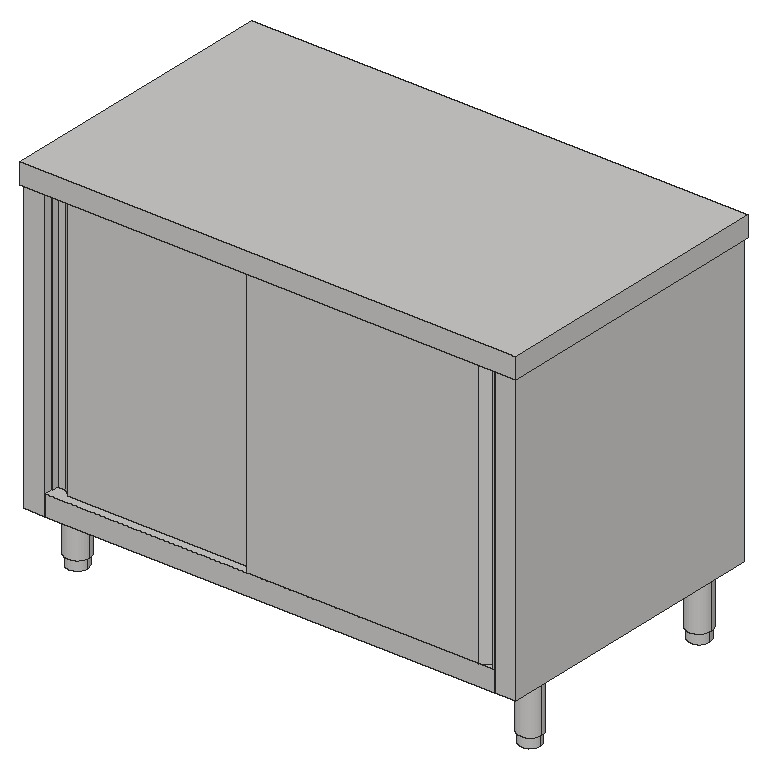
Revit family "QF_ELECTROLUXPROFESSIONAL_132771_MTN1200PN", category Specialty Equipment, Revit 2023
Family settings
  Round Connector Dimension = Use Diameter
  Part Type = Normal
  Work Plane-Based = No
  Enable Cutting in Views = No
  Always vertical = Yes
  Cut with Voids When Loaded = No
  Maintain Annotation Orientation = No
  Shared = No
  Room Calculation Point = No
Parameters (values of type "Standard")
  Weight = 55.00 kg
  Watts = 0 W
  Volts = 0 V
  URL Manufacturer = "http://www.electroluxprofessional.com"
  URL = "http://www.electroluxprofessional.com"
  Steam Supply Size = 0 mm
  Steam Supply Minimum Pressure = 0.0 Pa
  Steam Supply Maximum Pressure = 0.0 Pa
  Steam Consumption per Hour = 0
  Refrigeration Suction Line Size = 0.0 mm
  Refrigeration Liquid Line Size = 0.0 mm
  Refrigerant Compressor Remote = yes
  Default Elevation = 0.0 mm
  Manufacturer = "Electrolux Professional"
  Phase = 0
  Model = "MTN1200PN"
  Length Actual = 1200.0 mm
  Item Number = "132771"
  Hot Water Size = 0 mm
  Height Actual = 900.0 mm
  HP = "0 HP"
  Gas Size = 0 mm
  Gas KW = 0
  Gas Input Pressure = 0 W
  Direct Waste Size = 0 mm
  Description = "WORKTOP CUPB.+SHELF+SLIDING DOORS 1200MM"
  Depth Actual = 700.0 mm
  Cycle = 0 Hz
  Condensate Return Size = 0 mm
  Compressed Air Volume = 0.0 L/s
  Compressed Air Size = 0 mm
  Compressed Air Pressure = 0.0 Pa
  Cold Water Size = 0 mm
  Accessory = no
Reference planes
  plane 1 "Center (Front/Back)": y = 0
  plane 2: z = 0
  plane 3 "Center (Left/Right)": x = -100
  plane 4 "LEFT": x = -700
  plane 5 "RIGHT": x = 500
  plane 6 "BACK": y = 350
  plane 7 "FRONT": y = -350
  plane 8 "Base": z = 850
  plane 9 "TOP": z = 900
  plane 10: x = -646.9
  plane 11: x = 446.9
  plane 12: y = 270
  plane 13: y = -241.9
  plane 14 "BodyLeft": x = -694.5
  plane 15 "BodyFront": y = -344.5
  plane 16 "BodyRight": x = 494.5
  plane 17 "BodyBack": y = 344.5
  plane 18 "FEET": z = 150
  plane 19: x = -44.5
  plane 20: x = -155.5
Forms (mm)
  Extrusion 1, solid, material "QF_Finishes_Stainless Steel"
    sketch origin (-100, 0, 0) x (0, 1, 0) y (0, 0, 1)
      loop
        line (-350, 850) -> (350, 850) -> (350, 900) -> (-350, 900) -> (-350, 850)
    from 600 to -600
  Extrusion 2, solid, material "QF_Finishes_Stainless Steel"
    sketch origin (0, 0, 150) x (-1, 0, 0) y (0, -1, 0)
      loop
        line (694.5, -344.5) -> (694.5, 344.5) -> (644.5, 344.5) -> (644.5, -344.5) -> (694.5, -344.5)
      loop
        line (-444.5, -344.5) -> (-444.5, 344.5) -> (-494.5, 344.5) -> (-494.5, -344.5) -> (-444.5, -344.5)
    from 0 to 700
  Extrusion 3, solid, material "QF_Finishes_Stainless Steel"
    sketch origin (0, 0, 150) x (-1, 0, 0) y (0, -1, 0)
      loop
        line (643.585, -344.5) -> (643.585, 344.5) -> (-444.5, 344.5) -> (-444.5, -344.5) -> (643.585, -344.5)
    from 0 to 50
  Extrusion 4, solid, material "QF_Finishes_Stainless Steel"
    sketch origin (0, 0, 150) x (-1, 0, 0) y (0, -1, 0)
      loop
        line (643.585, -344.5) -> (643.585, -294.5) -> (-444.5, -294.5) -> (-444.5, -344.5) -> (643.585, -344.5)
    from 50 to 700
  Extrusion 5, solid, material "QF_Finishes_Stainless Steel"
    sketch origin (0, 0, 150) x (-1, 0, 0) y (0, -1, 0)
      loop
        line (-444.5, 344.5) -> (-444.5, 324.5) -> (155.5, 324.5) -> (155.5, 344.5) -> (-404.5, 344.5) -> (-424.5, 329.5) -> (-439.5, 329.5) -> (-439.5, 344.5) -> (-444.5, 344.5)
    from 50 to 700
  Extrusion 6, solid, material "QF_Finishes_Stainless Steel"
    sketch origin (0, 20, 150) x (1, 0, 0) y (0, 1, 0)
      loop
        line (-644.5, -344.5) -> (-639.5, -344.5) -> (-639.5, -329.5) -> (-624.5, -329.5) -> (-604.5, -344.5) -> (-44.5, -344.5) -> (-44.5, -324.5) -> (-644.5, -324.5) -> (-644.5, -344.5)
    from 50 to 700
Lines and regions (mm)
  symbolic lines
    curve 1: line (500, 350, 900) -> (-700, 350, 900)
    curve 2: line (-700, 350, 900) -> (-700, -350, 900)
    curve 3: line (-700, -350, 900) -> (500, -350, 900)
    curve 4: line (500, -350, 900) -> (500, 350, 900)
  symbolic lines, style "SpecialityEquipmentHiddenLines"
    curve 5: line (-694.5, 344.5, 150) -> (494.5, 344.5, 150)
    curve 6: line (-694.5, -344.5, 150) -> (-694.5, 344.5, 150)
    curve 7: line (494.5, -344.5, 150) -> (-694.5, -344.5, 150)
    curve 8: line (494.5, 344.5, 150) -> (494.5, -344.5, 150)
    curve 9: line (-644.5, -304.5, 150) -> (-44.5, -304.5, 150)
    curve 10: line (-44.5, -304.5, 150) -> (-44.5, -324.5, 150)
    curve 11: line (-644.5, -324.5, 150) -> (444.5, -324.5, 150)
    curve 12: line (444.5, -324.5, 150) -> (444.5, -344.5, 150)
    curve 13: line (-155.5, -324.5, 150) -> (-155.5, -344.5, 150)
    curve 14: line (-644.5, -304.5, 150) -> (-644.5, -324.5, 150)
Dimensions and locks
  plane 4 "LEFT" to plane 5 "RIGHT" = 1200.0 mm
  equal spacing: plane 4 "LEFT", plane 3 "Center (Left/Right)", plane 5 "RIGHT"
  locked: plane 8 "Base" to level at 850
  plane 9 "TOP" to level = 900.0 mm
  plane 6 "BACK" to plane 7 "FRONT" = 700.0 mm
  equal spacing: plane 6 "BACK", plane 1 "Center (Front/Back)", plane 7 "FRONT"
  locked: plane 4 "LEFT" to plane 14 "BodyLeft" at 5.5
  locked: plane 16 "BodyRight" to plane 5 "RIGHT" at 5.5
  locked: plane 15 "BodyFront" to plane 7 "FRONT" at 5.5
  locked: plane 6 "BACK" to plane 17 "BodyBack" at 5.5
  locked: plane 14 "BodyLeft" to plane 10 at 47.6
  locked: plane 11 to plane 16 "BodyRight" at 47.6
  locked: plane 13 to plane 15 "BodyFront" at 102.6
  locked: plane 17 "BodyBack" to plane 12 at 74.5
  plane 10 to plane 11 = 1093.8 mm
  plane 12 to plane 13 = 511.9 mm
  locked: plane 14 "BodyLeft" to Extrusion 2 sketch curve at 50
  locked: Extrusion 2 sketch curve to Extrusion 2 sketch curve at 50
  Extrusion 3 to Extrusion 4 sketch curve = 50.0 mm
  Extrusion 2 to plane 19 = 600.0 mm
  plane 20 to Extrusion 2 = 600.0 mm
  locked: plane 18 "FEET" to level at 150
  aligned and locked: level to plane 2
  aligned and locked: plane 10 to nested 1
  aligned and locked: nested 1 to plane 13
  aligned and locked: plane 11 to nested 2
  aligned and locked: nested 2 to plane 13
  aligned and locked: plane 11 to nested 4
  aligned and locked: nested 4 to plane 12
  aligned and locked: plane 10 to nested 3
  aligned and locked: nested 3 to plane 12
  aligned and locked: Extrusion 1 to plane 4 "LEFT"
  aligned and locked: plane 5 "RIGHT" to Extrusion 1
  aligned and locked: curve 2 to plane 4 "LEFT"
  aligned and locked: plane 17 "BodyBack" to Extrusion 2 sketch curve
  aligned and locked: Extrusion 2 sketch curve to plane 15 "BodyFront"
  aligned and locked: Extrusion 2 sketch curve to plane 14 "BodyLeft"
  aligned and locked: plane 16 "BodyRight" to Extrusion 2 sketch curve
  aligned and locked: Extrusion 2 sketch curve to plane 17 "BodyBack"
  aligned and locked: plane 15 "BodyFront" to Extrusion 2 sketch curve
  aligned and locked: Extrusion 3 sketch curve to plane 17 "BodyBack"
  aligned and locked: plane 15 "BodyFront" to Extrusion 3 sketch curve
  aligned and locked: plane 8 "Base" to Extrusion 2
  aligned and locked: Extrusion 4 sketch curve to Extrusion 3
  aligned and locked: plane 8 "Base" to Extrusion 5
  aligned and locked: Extrusion 5 to Extrusion 3
  aligned and locked: Extrusion 6 sketch curve to plane 19
  aligned and locked: Extrusion 5 sketch curve to plane 20
  aligned and locked: Extrusion 1 to plane 8 "Base"
  aligned and locked: plane 9 "TOP" to Extrusion 1
  aligned and locked: curve 5 to plane 17 "BodyBack"
  aligned and locked: plane 14 "BodyLeft" to curve 6
  aligned and locked: plane 15 "BodyFront" to curve 7
  aligned and locked: plane 16 "BodyRight" to curve 8
Automatic sketch dimensions
  curve 3 to plane 7 "FRONT" = 0.0 mm
  curve 4 to plane 6 "BACK" = 0.0 mm
  Extrusion 1 sketch curve to plane 7 "FRONT" = 0.0 mm
  plane 9 "TOP" to Extrusion 1 sketch curve = 0.0 mm
  Extrusion 1 sketch curve to plane 6 "BACK" = 0.0 mm
  Extrusion 1 sketch curve to plane 8 "Base" = 0.0 mm
  Extrusion 5 sketch curve to plane 15 "BodyFront" = 0.0 mm  (x2)
  Extrusion 5 sketch curve to plane 11 = 2.4 mm
  Extrusion 5 sketch curve to Extrusion 5 sketch curve = 5.0 mm
  Extrusion 5 sketch curve to Extrusion 5 sketch curve = 15.0 mm
  Extrusion 5 sketch curve to Extrusion 5 sketch curve = 20.0 mm
  plane 15 "BodyFront" to Extrusion 5 sketch curve = 15.0 mm
  plane 15 "BodyFront" to Extrusion 5 sketch curve = 20.0 mm
  Extrusion 6 sketch curve to plane 15 "BodyFront" = 20.0 mm  (x2)
  Extrusion 6 sketch curve to plane 10 = 2.4 mm
  Extrusion 6 sketch curve to Extrusion 6 sketch curve = 5.0 mm
  Extrusion 6 sketch curve to Extrusion 6 sketch curve = 15.0 mm
  Extrusion 6 sketch curve to Extrusion 6 sketch curve = 20.0 mm  (x2)
  Extrusion 6 sketch curve to plane 15 "BodyFront" = 35.0 mm
  Extrusion 3 sketch curve to plane 11 = 2.4 mm
  plane 10 to Extrusion 3 sketch curve = 3.315 mm
  Extrusion 4 sketch curve to plane 11 = 2.4 mm
  plane 10 to Extrusion 4 sketch curve = 3.315 mm
  curve 10 to plane 19 = 0.0 mm
  curve 13 to plane 20 = 0.0 mm
  curve 11 to plane 11 = 2.4 mm
  plane 15 "BodyFront" to curve 9 = 40.0 mm
  curve 12 to curve 12 = 20.0 mm
  plane 10 to curve 14 = 2.4 mm
  curve 4 to plane 5 "RIGHT" = 0.0 mm
Nested families
  nested 1: "FEET_D58-150" at (-646.9, -241.9, 0), type "FEET_D58-150"
  nested 2: "FEET_D58-150" at (446.9, -241.9, 0), type "FEET_D58-150"
  nested 3: "FEET_D58-150" at (-646.9, 270, 0), type "FEET_D58-150"
  nested 4: "FEET_D58-150" at (446.9, 270, 0), type "FEET_D58-150"
Definition of nested family "FEET_D58-150"
  Parameters
    Default Elevation = 0.0 mm
    FEET = 150.0 mm
  Reference planes
    plane 1 "Center (Front/Back)": y = 0
    plane 2: z = 0
    plane 3 "Center (Left/Right)": x = 0
    plane 4: z = 150
  Forms (mm)
    Extrusion 1, solid
      sketch origin (0, 0, 0) x (1, 0, 0) y (0, 1, 0)
        loop
          circle (0, 0) r 25
      from 0 to 25
    Extrusion 2, solid
      sketch origin (0, 0, 0) x (1, 0, 0) y (0, 1, 0)
        loop
          circle (0.061, 0) r 29
      from 25 to 150 <- "FEET"
  Lines and regions (mm)
    symbolic lines
      curve 1: line (0, -1.503, 0) -> (0, 1.508, 0)
      curve 2: line (1.561, 0, 0) -> (-1.439, 0, 0)
  Dimensions and locks
    "FEET": plane 4 to plane 2
    aligned and locked: level to plane 2
  Automatic sketch dimensions
    plane 1 "Center (Front/Back)" to Extrusion 1 sketch curve = 0.0 mm
    Extrusion 1 sketch curve to plane 3 "Center (Left/Right)" = 0.0 mm
    plane 1 "Center (Front/Back)" to curve 2 = 0.0 mm
    curve 1 to plane 3 "Center (Left/Right)" = 0.0 mm
    curve 2 to plane 3 "Center (Left/Right)" = 1.439 mm
    plane 3 "Center (Left/Right)" to curve 2 = 1.561 mm
    plane 1 "Center (Front/Back)" to curve 1 = 1.503 mm
    curve 1 to plane 1 "Center (Front/Back)" = 1.508 mm
    plane 1 "Center (Front/Back)" to Extrusion 2 sketch curve = 0.0 mm
    plane 3 "Center (Left/Right)" to Extrusion 2 sketch curve = 0.061 mm
    radius of Extrusion 1 sketch curve = 25.0 mm
    radius of Extrusion 2 sketch curve = 29.0 mm
